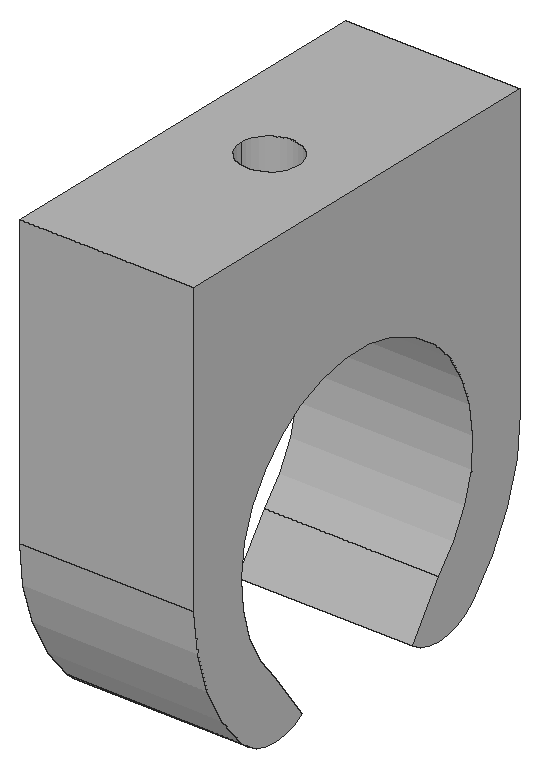
Revit family "WAGNER_Клипса", category Арматура трубопроводов, Revit 2017
Family settings
  Размер круглого соединителя = Использовать диаметр
  Тип детали = Вставляется
  Номер OmniClass = 23.60.30.11.17
  Заголовок OmniClass = Pipework/Ductwork Mechanical Fasteners/Supports
  На основе рабочей плоскости = Нет
  Всегда вертикально = Да
  При загрузке вырезать с полостями = Нет
  Общий = Да
Parameters (values of type "Typ NG 23 VE=100 Stk")
  Описание = ADSK_Наименование  # "Крепёжная клипса"
  Изготовитель = [ADSK_Завод-изготовитель]  # "WAGNER"
  bimon.ru = "bimon.ru"
  WAGNER_Тип = "Typ NG 23 VE=100 Stk"  # constant formula
  WAGNER_Температурный режим. = "от -20℃ до +60℃"  # constant formula
  WAGNER_Название = "Крепёжная клипса"  # constant formula
  WAGNER_Артикул = "01-35-1075"  # constant formula
  WAGNER_Variation = 1
  Uniclass Title = "Pipeline supports"  # constant formula
  Uniclass Code = "Pr_65_52_61_62"  # constant formula
  URL = "www.wagner-russia.com"
  UNSPSC Title = "Tube Clip"  # constant formula
  UNSPSC Code = "31160000"  # constant formula
  OmniClass Title = "Multi Purpose Mechanical Fasteners"  # constant formula
  OmniClass Code = "23-13 23 11 13"  # constant formula
  Masterformat Title = "Hangers and supports for pipe and equipment"  # constant formula
  Masterformat Code = "22 05 29"  # constant formula
  IFC Classification = ""
  COBie Category = "Pipework Fittings"  # constant formula
  ADSK_Размер_Ширина = 0 mm  # constant formula
  ADSK_Размер_Длина = 0 mm  # constant formula
  ADSK_Размер_Высота = 0 mm  # constant formula
  ADSK_Наименование краткое = "Клипса"  # constant formula
  ADSK_Наименование = "Крепёжная клипса"  # constant formula
  ADSK_Материал = WAGNER_PVC
  ADSK_Масса_Текст = ""
  ADSK_Марка = WAGNER_Тип  # "Typ NG 23 VE=100 Stk"
  ADSK_Код изделия = "-"  # constant formula
  ADSK_Завод-изготовитель = "WAGNER"  # constant formula
  ADSK_Единица измерения = "шт."  # constant formula
  ADSK_Дата изменения = "18.07.20"  # constant formula
  ADSK_Версия семейства = "Версия 1"  # constant formula
  ADSK_Версия Revit = "Revit 2017"  # constant formula
  ADSK_URL страницы изделия = "https://ru.wagnergroup.com/systeme/brandfrueherkennung-mit-titanusr-ansaugrauchmeldern.html"
  ADSK_URL документации изделия = "https://ru.wagnergroup.com/ru/centr-zagruzki/katalog.html"
Reference planes
  plane 1 "По центру (Вперед/Назад)": y = -115
  plane 2: z = 0
  plane 3 "По центру (Влево/Вправо)": x = -926.101
  plane 4: x = -933.601
  plane 5: x = -918.601
Forms (mm)
  Extrusion 1, solid, material "WAGNER_PVC" <- "ADSK_Материал"
    sketch origin (-926.101, 0, 0) x (0, 1, 0) y (0, 0, 1)
      loop
        line (-106.161, -8.839) -> (-109.029, -12.935)
        arc (-109.029, -12.935) -> (-105.725, -13.82) -> (-102.626, -12.374) r 5
        arc (-102.626, -12.374) -> (-98.832, -6.697) -> (-97.5, 0) r 17.5
        line (-97.5, 0) -> (-97.5, 15) -> (-132.5, 15) -> (-132.5, 0)
        arc (-132.5, 0) -> (-131.168, -6.697) -> (-127.374, -12.374) r 17.5
        arc (-127.374, -12.374) -> (-124.275, -13.82) -> (-120.971, -12.935) r 5
        line (-120.971, -12.935) -> (-123.839, -8.839)
        arc (-123.839, -8.839) -> (-115, 12.5) -> (-106.161, -8.839) r 12.5
    from -7.5 to 7.5
  Extrusion 2, solid, material "WAGNER_PVC" <- "ADSK_Материал"
    sketch origin (-926.101, 0, 0) x (0, 1, 0) y (0, 0, 1)
      loop
        line (-97.5, 15) -> (-97.5, 25) -> (-132.5, 25) -> (-132.5, 15) -> (-97.5, 15)
    from -7.5 to 7.5
  Extrusion 3, void
    sketch origin (0, 0, 0) x (1, 0, 0) y (0, 1, 0)
      loop
        circle (-926.101, -115) r 2.5
    from 0 to 25
Cuts and joins
  Extrusion 3 cuts Extrusion 1
  Extrusion 3 cuts Extrusion 2
  joined: Extrusion 1, Extrusion 2
Dimensions and locks
  aligned and locked: level to plane 2
  aligned and locked: Extrusion 1 to plane 4
  aligned and locked: plane 5 to Extrusion 1
  aligned and locked: plane 5 to Extrusion 2
  aligned and locked: Extrusion 2 to plane 4
